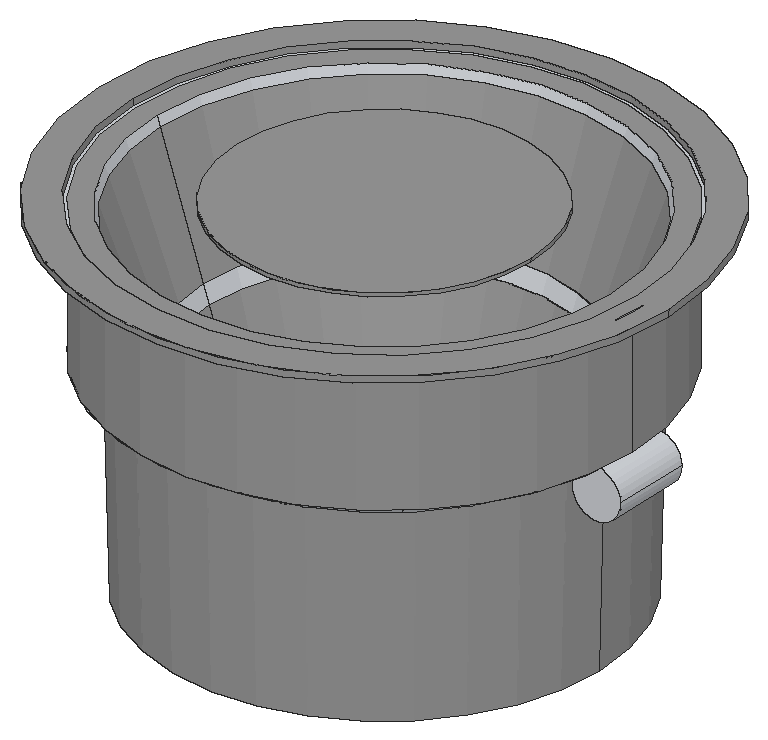
Revit family "2070236", category Lighting Fixtures, host Face, Revit 2018
Family settings
  Host = Face
  Round Connector Dimension = Use Diameter
  Part Type = Normal
  OmniClass Number = 23.80.70.00
  OmniClass Title = Lighting
  Cut with Voids When Loaded = No
  Light Source = Yes
  Shared = No
  Room Calculation Point = No
Parameters (values of type "2070236 SOLST 150 1300LM 940  SSC GB")
  Weight = "n/a"
  Wattage Comments = ""
  Wattage = 9.2903 W
  WarrantyStartDate [instance] = "n/a"
  WarrantyGuarantorParts = "n/a"
  WarrantyDurationUnit = "n/a"
  WarrantyDurationParts = ""
  WarrantyDescription = "http://www.sylvania-lighting.com"
  built-in parameter 1150110 = 1 (stored number, unit not read)
  Voltage = 0 V
  URL = "0.96"
  TypeName = "Solstice 150 1300lm 940  SSC GB"
  Type Image = <None>
  Type Comments = "n/a"
  built-in parameter 1114217 = 1 (stored number, unit not read)
  Tilt Angle = -90.00°
  built-in parameter 1150109 = 1 (stored number, unit not read)
  built-in parameter 1150134 = 3
  built-in parameter 1150113 = 1 (stored number, unit not read)
  SerialNumber [instance] = "n/a"
  Photometric Web File = "2070236.IES"
  Material_3_SYL = none
  PowerFactor = 0
  PowerConsumption = "Lighting"
  NominalLength = 165 mm
  NominalHeight = 45 mm
  NominalDepth = 165 mm
  Name = "Solstice 150 1300lm 940  SSC GB"
  ModelReference = Name  # "Solstice 150 1300lm 940  SSC GB"
  ModelNumber = "2070236"
  Model = Name  # "Solstice 150 1300lm 940  SSC GB"
  Material = "Feilo Sylvania"
  ManufacturerName = "87 lm/W"
  Manufacturer = ""
  LuminousEfficacy = ""
  built-in parameter 1150105 = 109.82 (stored number, unit not read)
  Lumens = 1380 lm
  LuminaireType = "0"
  built-in parameter 1150115 = 1 (stored number, unit not read)
  LightOutputRatio = "LED"
  built-in parameter 1150137 = (empty or 0)
  built-in parameter 1150139 = (empty or 0)
  LampsType = Lamp  # "n/a"
  LampNominalLuminous = "4000 K"
  LampMacAdamStep = "90"
  LampColourTemperature = "LED"
  LampColourRenderingIndex = "16500"
  built-in parameter 1150112 = 1 (stored number, unit not read)
  built-in parameter 1150114 = 1 (stored number, unit not read)
  Lamp = "n/a"
  Keynote = "n/a"
  InstallationDate [instance] = "n/a"
  InputVoltage = "0"
  InputNominalFrequency = "4000"
  built-in parameter 1150132 = (empty or 0)
  built-in parameter 1150102 = (empty or 0)
  built-in parameter 1150107 = 3200 (stored number, unit not read)
  built-in parameter 1150138 = (empty or 0)
  IngressProtection = "IfcLightFixtureType"
  ImpactProtectionIndex = "IfcLightFixtureType"
  built-in parameter 1150106 = 1.0982 (stored number, unit not read)
  IfcExportType = "IfcLightFixtureType"
  IfcExportAs = "Class II"
  Emit from Circle Diameter = 609.6 mm
  Emit Shape Visible in Rendering = no
  ElectricShockClassification = "87"
  built-in parameter 1150104 = 13.8 (stored number, unit not read)
  DocumentationLiterature = "http://www.sylvania-lighting.com/product/en-int/products/2070236"
  DimmingControlOptions = "n/a"
  Material_2_SYL = none
  Dimming Lamp Color Temperature Shift = <None>
  Description = "The Solstice 150 1300lm 940  SSC GBis a high efficient SSC GBdimmable downlight luminaire, Colour rendering index Ra>90, Colour temperature: 4000K Neutral White, Class II, Protection rating IP40/IP20, Cut out dimensions: 200mm."
  Default Elevation = 1219.2 mm
  CreatedOn = "03/08/2023"
  CreatedBy = "@sylvania-lighting.com"
  Cost = 0
  Color Filter = 16777215
  built-in parameter 1114216 [instance] = (empty or 0)
  ClassificationValue = "EF_70_80"
  ClassificationName = "Uniclass2015"
  Material_1_SYL = none
  BarCode [instance] = "n/a"
  built-in parameter 1114218 = 1 (stored number, unit not read)
  built-in parameter 1150133 = 10 (stored number, unit not read)
  AssetType = "Fixed"
  AssetIdentifier [instance] = "n/a"
  Assembly Code = "D5020200"
  Apparent Load = 15 VA
  Material_4_SYL = none
Reference planes
  plane 1 "Center (Front/Back)": y = 0
  plane 2: z = 0
  plane 3 "Center (Left/Right)": x = 0
  plane 4: x = -82.5
  plane 5: x = 82.5
  plane 6: y = 82.5
  plane 7: y = -82.5
  plane 8: y = 75
  plane 9: y = -75
  plane 10: y = 73
  plane 11: y = -73
  plane 12: x = 73
  plane 13: x = 75
  plane 14: x = 66
  plane 15: z = 3.8
  plane 16: x = -66.957
  plane 17: x = -66
  plane 18: z = -43.942
  plane 19: x = 66.001
  plane 20: x = 64.013
  plane 21: x = -64
  plane 22: z = -45.791
  plane 23: x = 69.732
Forms (mm)
  Extrusion 1, void
    sketch origin (0, 0, 0) x (1, 0, 0) y (0, 1, 0)
      loop
        circle (0, 0) r 75
    from -93.856 to 21.107
  Blend 2, solid, material "Aluminum"
    base sketch origin (0, 0, 0) x (1, 0, 0) y (0, 1, 0)
      loop
        circle (0, 0) r 82.5
    top sketch origin (0, 0, 0) x (1, 0, 0) y (0, 1, 0)
      loop
        circle (0, 0) r 82.5
    from 0 to 1.8
  Extrusion 3, void
    sketch origin (0, 0, 0) x (1, 0, 0) y (0, 1, 0)
      loop
        circle (0, 0) r 73
    from 0 to 1.8
  Blend 4, solid, material "Aluminum"
    base sketch origin (0, 0, 0) x (1, 0, 0) y (0, 1, 0)
      loop
        circle (0, 0) r 72
    top sketch origin (0, 0, 0) x (1, 0, 0) y (0, 1, 0)
      loop
        circle (0, 0) r 72
    from -38.989 to 0
  Blend 5, solid
    base sketch origin (0, 0, 0) x (1, 0, 0) y (0, 1, 0)
      loop
        circle (0, 0) r 75
    top sketch origin (0, 0, 0) x (1, 0, 0) y (0, 1, 0)
      loop
        circle (0, 0) r 72
    from 0 to -2.5
  Blend 6, solid
    base sketch origin (0, 0, 0) x (1, 0, 0) y (0, 1, 0)
      loop
        circle (0, 0) r 64
    top sketch origin (0, 0, 0) x (1, 0, 0) y (0, 1, 0)
      loop
        circle (0, 0) r 72
    from -43.942 to -38.989
  Blend 7, solid, material "Aluminum"
    base sketch origin (0, 0, 0) x (1, 0, 0) y (0, 1, 0)
      loop
        circle (0, 0) r 62.5
    top sketch origin (0, 0, 0) x (1, 0, 0) y (0, 1, 0)
      loop
        circle (0, 0) r 64
    from -98.977 to -43.942
  Blend 8, void
    base sketch origin (0, 1219.2, 38) x (1, 0, 0) y (0, 1, 0)
      loop
        circle (0, -1219.2) r 66.5
    top sketch origin (0, 1219.2, 38) x (1, 0, 0) y (0, 1, 0)
      loop
        circle (0, -1219.2) r 42.5
    from -36.2 to -106.2
  Extrusion 9, solid, material "Glass, White, High Luminance", detail levels fine
    sketch origin (0, 0, 0) x (1, 0, 0) y (0, 1, 0)
      loop
        circle (0, 0) r 42.5
    from 0 to 1
  Extrusion 10, solid
    sketch origin (0, 0, 0) x (1, 0, 0) y (0, 0, 1)
      loop
        circle (70.068, -45.791) r 7
    from -11.421 to 10.579
Cuts and joins
  Extrusion 3 cuts Blend 2
  Blend 8 cuts Blend 5
  Extrusion 3, Blend 8 cuts Blend 4
  Blend 8 cuts Blend 6
  Blend 8 cuts Blend 7
Dimensions and locks
  "NominalLength": plane 4 to plane 5
  equal spacing: plane 4, plane 3 "Center (Left/Right)", plane 5
  "NominalDepth": plane 6 to plane 7
  equal spacing: plane 6, plane 1 "Center (Front/Back)", plane 7
  aligned and locked: plane 2 to host face
  aligned and locked: level to host face
Automatic sketch dimensions
  host sketch curve to host sketch curve = 2438.4 mm  (x2)
  plane 1 "Center (Front/Back)" to Extrusion 1 sketch curve = 0 mm
  Extrusion 1 sketch curve to plane 3 "Center (Left/Right)" = 0 mm
  plane 1 "Center (Front/Back)" to Blend 2 sketch curve = 0 mm  (x2)
  Blend 2 sketch curve to plane 3 "Center (Left/Right)" = 0 mm  (x2)
  plane 1 "Center (Front/Back)" to Extrusion 3 sketch curve = 0 mm
  Extrusion 3 sketch curve to plane 3 "Center (Left/Right)" = 0 mm
  plane 1 "Center (Front/Back)" to Blend 4 sketch curve = 0 mm  (x2)
  Blend 4 sketch curve to plane 3 "Center (Left/Right)" = 0 mm  (x2)
  plane 1 "Center (Front/Back)" to Blend 5 sketch curve = 0 mm  (x2)
  Blend 5 sketch curve to plane 3 "Center (Left/Right)" = 0 mm  (x2)
  plane 1 "Center (Front/Back)" to Blend 6 sketch curve = 0 mm  (x2)
  Blend 6 sketch curve to plane 3 "Center (Left/Right)" = 0 mm  (x2)
  plane 1 "Center (Front/Back)" to Blend 7 sketch curve = 0 mm  (x2)
  Blend 7 sketch curve to plane 3 "Center (Left/Right)" = 0 mm  (x2)
  plane 1 "Center (Front/Back)" to Blend 8 sketch curve = 0 mm  (x2)
  Blend 8 sketch curve to plane 3 "Center (Left/Right)" = 0 mm  (x2)
  plane 1 "Center (Front/Back)" to Extrusion 9 sketch curve = 0 mm
  Extrusion 9 sketch curve to plane 3 "Center (Left/Right)" = 0 mm
  plane 12 to Extrusion 10 sketch curve = 2.932 mm
  Extrusion 10 sketch curve to plane 18 = 1.849 mm
  radius of Extrusion 1 sketch curve = 75 mm
  radius of Blend 2 sketch curve = 82.5 mm  (x2)
  radius of Extrusion 3 sketch curve = 73 mm
  radius of Blend 4 sketch curve = 72 mm  (x2)
  radius of Blend 5 sketch curve = 75 mm
  radius of Blend 5 sketch curve = 72 mm
  radius of Blend 6 sketch curve = 64 mm
  radius of Blend 6 sketch curve = 72 mm
  radius of Blend 7 sketch curve = 62.5 mm
  radius of Blend 7 sketch curve = 64 mm
  radius of Blend 8 sketch curve = 66.5 mm
  radius of Blend 8 sketch curve = 42.5 mm
  radius of Extrusion 9 sketch curve = 42.5 mm
  radius of Extrusion 10 sketch curve = 7 mm
Connectors
  electrical at (0, 0, 0), driven by "Apparent Load", driven by "PowerFactor", driven by "Voltage"
    settings: index 1, voltage 0 V, apparent load 15 VA, apparent load phase1 0 VA, apparent load phase2 0 VA, apparent load phase3 0 VA, power factor 0, load classification "Lighting", number of poles 1, system type 30, power factor state 1, is connector primary yes, connector utility no, sub classification motor no, connector description ""
